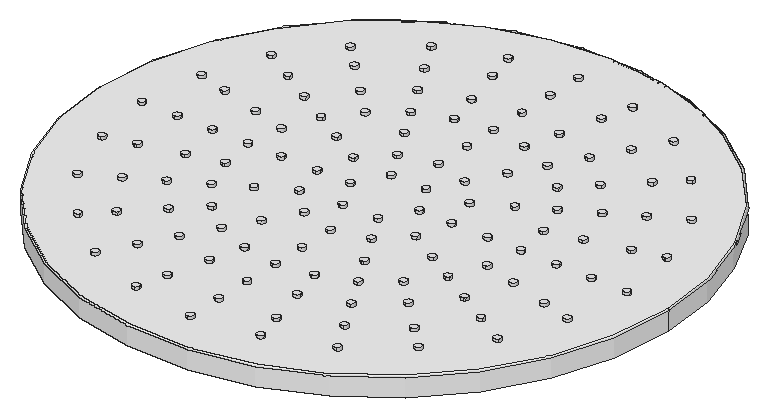
Revit family "Shower-Showerhead-KOHLER-Katalyst-13691W", category Plumbing Fixtures, host Face, Revit 2017
Family settings
  Host = Face
  Round Connector Dimension = Use Diameter
  Part Type = Normal
  OmniClass Number = 23.31.17.00
  OmniClass Title = Showers
  Cut with Voids When Loaded = No
  Shared = No
  Room Calculation Point = No
Parameters (values of type "CP-Polished Chrome")
  Width = 14"  # constant formula
  WaterSense Certified = 1 = 0  # no
  Waste Water Outlet = "Waste Water Outlet"  # constant formula
  Waste Connection = 1 = 0  # no
  Vent Connection = 1 = 0  # no
  URL = "https://www.kohler.co.uk/"
  Type = 1
  Tempred Water Inlet = "Tempred Water Inlet"  # constant formula
  Product Page URL = "https://www.kohler.co.uk/showering/water-delivery/rainheads/katalyst-contemporary-round-rainhead-14in-diameter/"
  Product Name = "Katalyst"  # constant formula
  Product Documentation Link = "https://resources.kohler.com/plumbing/kohleruk/pdf/Contemporary%20round%20rainheads%20datasheet%202015.pdf"
  Pressure = 0.00 psi
  Model = "13691W-CP"  # constant formula
  Material = "Premium Metal Construction"  # constant formula
  Master Format 2014 Name = "Residential Showers"  # constant formula
  Master Format 2014 = "22 42 23"  # constant formula
  Manufacturer Address = "Cromwell Road, Cheltenham, Gloucestershire. GL52 5EP Registered in England No. 252115"  # constant formula
  Manufacturer = "KOHLER Co."  # constant formula
  Length = 14"  # constant formula
  Hot Water Inlet = "Hot Water Inlet"  # constant formula
  Height = 2 3/4"  # constant formula
  HW Connection = 1 = 1  # yes
  Flow Rate = 0 GPM
  Finish = Metal-Kohler-CP-Polished Chrome
  Environmental Product Declaration = ""
  Drain Included = 1 = 0  # no
  Description = "Contemporary round rainhead 14 Inch diameter"  # constant formula
  Default Elevation = 0"
  Declare Label = ""
  Date Modified = "09/07/2020"  # constant formula
  Date Created = "09/07/2020"  # constant formula
  Copyright = "Copyright KOHLER Co."  # constant formula
  Contact Us = "https://www.kohler.co.uk/support/contact/"
  Cold Water Inlet = "Cold Water Inlet"  # constant formula
  CW Connection = 1 = 0  # no
  Assembly Code = "D2010700"
  ADA Compliant = 1 = 0  # no
Reference planes (in)
  plane 1 "Center (Front/Back)": y = 0
  plane 2: z = 0
  plane 3 "Center (Left/Right)": x = 0
  plane 4: z = 2.74969
  plane 5: x = -1.11966
  plane 6: x = 1.11966
  plane 7: y = -7
  plane 8: y = 7
  plane 9: y = 1.11875
  plane 10: y = -1.11875
  plane 11: x = -7
  plane 12: x = 7
Dimensions and locks (in)
  level to plane 4 = 2.74969"
  "Length": plane 8 to plane 7
  "Width": plane 11 to plane 12
  equal spacing: plane 11, plane 3 "Center (Left/Right)", plane 12
  equal spacing: plane 7, plane 1 "Center (Front/Back)", plane 8
  aligned and locked: plane 2 to host face
  aligned and locked: level to host face
Automatic sketch dimensions
  host sketch curve to host sketch curve = 96"  (x2)
Nested families (in)
  nested 1: "13691W" at (0, 0, 0), type "13691W"
Connectors (in)
  piping at (0, 0, 0), diameter 0.5, driven by "Flow Rate", driven by "HW Connection", driven by "Tempred Water Inlet"
    settings: on nested 1, index 1, connector inside diameter 24", connector length 0", flow factor 0, pipe flow 0 GPM, pressure drop 0.00 psi, fitting loss kfactor 0, connector angle 0.00°, fixture units 0, engagement length 0", angle of deflection 0.00°, flow configuration 0, flow direction 1, fitting loss method 0, system type 19, joint type 0, gender type 0, connector reference index -1, connector utility 1, adjustable connector no, is connector primary yes, connector description "Tempred Water Inlet"
Definition of nested family "13691W"
  Parameters (values of type "13691W")
    Material = none
  Reference planes (in)
    plane 1 "Center (Front/Back)": y = 0
    plane 2: z = 0
    plane 3 "Center (Left/Right)": x = 0
    plane 4: z = 2.75
    plane 5: y = 7
    plane 6: y = -7
    plane 7: x = -7
    plane 8: x = 7
  Forms (in)
    Sweep 1, solid, material <- "Material", detail levels medium+fine
      path origin (0, 0, 0) x (1, 0, 0) y (0, 1, 0)
        loop
          circle (0, 0) r 7
      profile origin (0, 7, 0) x (0, -1, 0) y (0, 0, 1)
        loop
          line (0, 2.67095) -> (0, 2.23047) -> (0.0912, 2.23047) -> (0.0912, 2.70291) -> (0.03195, 2.70291)
          arc (0.03195, 2.70291) -> (0.00936, 2.69355) -> (0, 2.67095) r 0.03195
    Extrusion 2, solid, material <- "Material", detail levels medium+fine
      sketch origin (0, 0, 0) x (1, 0, 0) y (0, 1, 0)
        loop
          circle (0, 0) r 6.9088
      from 2.23047 to 2.70291
    Revolve 3, solid, material <- "Material", detail levels medium+fine
      sketch origin (0, 0, 0) x (1, 0, 0) y (0, 0, 1)
        loop
          line (0, 0) -> (0.47319, 0)
          arc (0.47319, 0) -> (0.48724, 0.00582) -> (0.49306, 0.01987) r 0.01987
          line (0.49306, 0.01987) -> (0.49306, 0.75088)
          arc (0.49306, 0.75088) -> (0.45434, 0.87983) -> (0.35099, 0.96613) r 0.2341
          arc (0.35099, 0.96613) -> (0.31034, 1.01897) -> (0.33422, 1.08122) r 0.06816
          arc (0.33422, 1.08122) -> (0.38802, 1.13256) -> (0.4343, 1.19077) r 0.54326
          arc (0.4343, 1.19077) -> (0.44736, 1.20235) -> (0.46431, 1.20654) r 0.03644
          line (0.46431, 1.20654) -> (0.71851, 1.20654) -> (0.71851, 2.24609) -> (0, 2.24609) -> (0, 0)
        axis (0, 2.24609) -> (0, 0)
      angle from 0 to 360
    Extrusion 4, void
      sketch origin (0, 0, 0) x (0, 1, 0) y (0, 0, 1)
        loop
          line (-0.20585, 1.67898) -> (-0.20585, 1.20654) -> (0.20189, 1.20654) -> (0.20189, 1.67898) -> (-0.20585, 1.67898)
      from 0.69924 to 0.74752
    Extrusion 5, void
      sketch origin (0, 0, 0) x (0, 1, 0) y (0, 0, -1)
        loop
          line (-0.20585, -1.67898) -> (0.20189, -1.67898) -> (0.20189, -1.20654) -> (-0.20585, -1.20654) -> (-0.20585, -1.67898)
      from 0.69924 to 0.74752
    Extrusion 6, void
      sketch origin (0, 0, -0.00391) x (1, 0, 0) y (0, 0, -1)
        loop
          line (-0.44334, -0.9147) -> (0.65111, -0.9147) -> (0.65111, -0.17713) -> (-0.44334, -0.17713) -> (-0.44334, -0.9147)
      from 0.4448 to 0.53284
    Revolve 7, solid, material <- "Material", detail levels coarse
      sketch origin (0, 0, 0) x (0, 1, 0) y (0, 0, 1)
        loop
          line (-0.49565, 0) -> (0, 0) -> (0, 2.75) -> (-7.06518, 2.75) -> (-7.06518, 2.23047) -> (-0.74794, 2.23047) -> (-0.74794, 1.20654) -> (-0.49565, 1.20654) -> (-0.49565, 0)
        axis (0, 0) -> (0, 2.75)
      angle from 0 to 360
    Extrusion 8, solid, material <- "Material", detail levels medium+fine
      sketch origin (0, 0, 0) x (1, 0, 0) y (0, 1, 0)
        loop
          circle (0, 0) r 0.08811
      from 0 to 0.04042
    Extrusion 9, solid, detail levels medium+fine
      sketch origin (0, 0, 0) x (1, 0, 0) y (0, 1, 0)
        loop
          circle (-0.84903, 0.01256) r 0.08442
        loop
          circle (0.85684, 0.00475) r 0.08442
        loop
          circle (-0.43245, 0.74437) r 0.08442
        loop
          circle (0.43045, 0.73656) r 0.08442
        loop
          circle (0, 5.96596) r 0.08442
        loop
          circle (0, 5.09514) r 0.08442
        loop
          circle (0, 4.22989) r 0.08442
        loop
          circle (0, 3.35727) r 0.08442
        loop
          circle (0, 2.53656) r 0.08442
        loop
          circle (0, 1.65585) r 0.08442
        loop
          circle (0.8632, 3.22149) r 0.08599
        loop
          circle (1.08035, 4.03193) r 0.08599
        loop
          circle (1.33917, 4.99785) r 0.08599
        loop
          circle (1.53329, 5.7223) r 0.08599
        loop
          circle (2.98298, 5.16667) r 0.08442
        loop
          circle (2.54757, 4.41252) r 0.08442
        loop
          circle (2.11494, 3.66319) r 0.08442
        loop
          circle (1.67863, 2.90748) r 0.08442
        loop
          circle (1.26828, 2.19672) r 0.08442
        loop
          circle (0.82793, 1.43401) r 0.08442
        loop
          circle (2.35829, 2.35829) r 0.08599
        loop
          circle (2.95158, 2.95158) r 0.08599
        loop
          circle (3.65868, 3.65868) r 0.08599
        loop
          circle (4.18901, 4.18901) r 0.08599
        loop
          circle (5.16667, 2.98298) r 0.08442
        loop
          circle (4.41252, 2.54757) r 0.08442
        loop
          circle (3.66319, 2.11494) r 0.08442
        loop
          circle (2.90748, 1.67863) r 0.08442
        loop
          circle (2.19672, 1.26828) r 0.08442
        loop
          circle (1.43401, 0.82793) r 0.08442
        loop
          circle (3.22149, 0.8632) r 0.08599
        loop
          circle (4.03193, 1.08035) r 0.08599
        loop
          circle (4.99785, 1.33917) r 0.08599
        loop
          circle (5.7223, 1.53329) r 0.08599
        loop
          circle (5.96596, 0) r 0.08442
        loop
          circle (5.09514, 0) r 0.08442
        loop
          circle (4.22989, 0) r 0.08442
        loop
          circle (3.35727, 0) r 0.08442
        loop
          circle (2.53656, 0) r 0.08442
        loop
          circle (1.65585, 0) r 0.08442
        loop
          circle (-0.8632, 3.22149) r 0.08599
        loop
          circle (-1.08035, 4.03193) r 0.08599
        loop
          circle (-1.33917, 4.99785) r 0.08599
        loop
          circle (-1.53329, 5.7223) r 0.08599
        loop
          circle (-2.98298, 5.16667) r 0.08442
        loop
          circle (-2.54757, 4.41252) r 0.08442
        loop
          circle (-2.11494, 3.66319) r 0.08442
        loop
          circle (-1.67863, 2.90748) r 0.08442
        loop
          circle (-1.26828, 2.19672) r 0.08442
        loop
          circle (-0.82793, 1.43401) r 0.08442
        loop
          circle (-2.35829, 2.35829) r 0.08599
        loop
          circle (-2.95158, 2.95158) r 0.08599
        loop
          circle (-3.65868, 3.65868) r 0.08599
        loop
          circle (-4.18901, 4.18901) r 0.08599
        loop
          circle (-5.16667, 2.98298) r 0.08442
        loop
          circle (-4.41252, 2.54757) r 0.08442
        loop
          circle (-3.66319, 2.11494) r 0.08442
        loop
          circle (-2.90748, 1.67863) r 0.08442
        loop
          circle (-2.19672, 1.26828) r 0.08442
        loop
          circle (-1.43401, 0.82793) r 0.08442
        loop
          circle (-3.22149, 0.8632) r 0.08599
        loop
          circle (-4.03193, 1.08035) r 0.08599
        loop
          circle (-4.99785, 1.33917) r 0.08599
        loop
          circle (-5.7223, 1.53329) r 0.08599
        loop
          circle (-5.96596, 0) r 0.08442
        loop
          circle (-5.09514, 0) r 0.08442
        loop
          circle (-4.22989, 0) r 0.08442
        loop
          circle (-3.35727, 0) r 0.08442
        loop
          circle (-2.53656, 0) r 0.08442
        loop
          circle (-1.65585, 0) r 0.08442
        loop
          circle (-0.43245, -0.74437) r 0.08442
        loop
          circle (0.43045, -0.73656) r 0.08442
        loop
          circle (0, -5.96596) r 0.08442
        loop
          circle (0, -5.09514) r 0.08442
        loop
          circle (0, -4.22989) r 0.08442
        loop
          circle (0, -3.35727) r 0.08442
        loop
          circle (0, -2.53656) r 0.08442
        loop
          circle (0, -1.65585) r 0.08442
        loop
          circle (0.8632, -3.22149) r 0.08599
        loop
          circle (1.08035, -4.03193) r 0.08599
        loop
          circle (1.33917, -4.99785) r 0.08599
        loop
          circle (1.53329, -5.7223) r 0.08599
        loop
          circle (2.98298, -5.16667) r 0.08442
        loop
          circle (2.54757, -4.41252) r 0.08442
        loop
          circle (2.11494, -3.66319) r 0.08442
        loop
          circle (1.67863, -2.90748) r 0.08442
        loop
          circle (1.26828, -2.19672) r 0.08442
        loop
          circle (0.82793, -1.43401) r 0.08442
        loop
          circle (2.35829, -2.35829) r 0.08599
        loop
          circle (2.95158, -2.95158) r 0.08599
        loop
          circle (3.65868, -3.65868) r 0.08599
        loop
          circle (4.18901, -4.18901) r 0.08599
        loop
          circle (5.16667, -2.98298) r 0.08442
        loop
          circle (4.41252, -2.54757) r 0.08442
        loop
          circle (3.66319, -2.11494) r 0.08442
        loop
          circle (2.90748, -1.67863) r 0.08442
        loop
          circle (2.19672, -1.26828) r 0.08442
        loop
          circle (1.43401, -0.82793) r 0.08442
        loop
          circle (3.22149, -0.8632) r 0.08599
        loop
          circle (4.03193, -1.08035) r 0.08599
        loop
          circle (4.99785, -1.33917) r 0.08599
        loop
          circle (5.7223, -1.53329) r 0.08599
        loop
          circle (-0.8632, -3.22149) r 0.08599
        loop
          circle (-1.08035, -4.03193) r 0.08599
        loop
          circle (-1.33917, -4.99785) r 0.08599
        loop
          circle (-1.53329, -5.7223) r 0.08599
        loop
          circle (-2.98298, -5.16667) r 0.08442
        loop
          circle (-2.54757, -4.41252) r 0.08442
        loop
          circle (-2.11494, -3.66319) r 0.08442
        loop
          circle (-1.67863, -2.90748) r 0.08442
        loop
          circle (-1.26828, -2.19672) r 0.08442
        loop
          circle (-0.82793, -1.43401) r 0.08442
        loop
          circle (-2.35829, -2.35829) r 0.08599
        loop
          circle (-2.95158, -2.95158) r 0.08599
        loop
          circle (-3.65868, -3.65868) r 0.08599
        loop
          circle (-4.18901, -4.18901) r 0.08599
        loop
          circle (-5.16667, -2.98298) r 0.08442
        loop
          circle (-4.41252, -2.54757) r 0.08442
        loop
          circle (-3.66319, -2.11494) r 0.08442
        loop
          circle (-2.90748, -1.67863) r 0.08442
        loop
          circle (-2.19672, -1.26828) r 0.08442
        loop
          circle (-1.43401, -0.82793) r 0.08442
        loop
          circle (-3.22149, -0.8632) r 0.08599
        loop
          circle (-4.03193, -1.08035) r 0.08599
        loop
          circle (-4.99785, -1.33917) r 0.08599
        loop
          circle (-5.7223, -1.53329) r 0.08599
      from 2.56653 to 2.75
    Extrusion 10, void
      sketch origin (0, 0, -0.00391) x (1, 0, 0) y (0, 0, 1)
        loop
          line (-0.44334, 0.9147) -> (-0.44334, 0.17713) -> (0.65111, 0.17713) -> (0.65111, 0.9147) -> (-0.44334, 0.9147)
      from 0.4448 to 0.53284
  Cuts and joins
    Extrusion 4, Extrusion 10 cuts Sweep 1
    Extrusion 10 cuts Extrusion 2
    Extrusion 4, Extrusion 5, Extrusion 6, Extrusion 10 cuts Revolve 3
    joined: Sweep 1, Extrusion 2, Revolve 3
    Extrusion 10 cuts Revolve 7
  Lines and regions (in)
    Masking region 1
      outline origin (0, 0, 0) x (1, 0, 0) y (0, 1, 0)
        loop
          circle (0, 0) r 7
    Masking region 2
      outline origin (0, 0, 0) x (0, 1, 0) y (0, 0, 1)
        loop
          line (0, 0) -> (0.47319, 0)
          arc (0.47319, 0) -> (0.48724, 0.00582) -> (0.49306, 0.01987) r 0.01987
          line (0.49306, 0.01987) -> (0.49306, 0.17323) -> (0.4448, 0.17323) -> (0.4448, 0.89324)
          arc (0.4448, 0.89324) -> (0.4026, 0.93574) -> (0.35099, 0.96613) r 0.2341
          arc (0.35099, 0.96613) -> (0.31034, 1.01897) -> (0.33422, 1.08122) r 0.06816
          arc (0.33422, 1.08122) -> (0.38802, 1.13256) -> (0.4343, 1.19077) r 0.54326
          arc (0.4343, 1.19077) -> (0.44736, 1.20235) -> (0.46431, 1.20654) r 0.03644
          line (0.46431, 1.20654) -> (0.71851, 1.20654) -> (0.71851, 2.23047) -> (6.99929, 2.23047) -> (6.99929, 2.67017)
          arc (6.99929, 2.67017) -> (6.9897, 2.69332) -> (6.96656, 2.70291) r 0.03273
          line (6.96656, 2.70291) -> (6.02002, 2.70291) -> (6.02002, 2.75) -> (5.9075, 2.75) -> (5.9075, 2.70291) -> (5.78535, 2.70291) -> (5.78535, 2.75) -> (5.66632, 2.75) -> (5.66632, 2.70291) -> (5.18094, 2.70291) -> (5.18094, 2.75) -> (4.84849, 2.75) -> (4.84849, 2.70291) -> (4.48497, 2.70291) -> (4.48497, 2.75) -> (3.96752, 2.75) -> (3.96752, 2.70291) -> (3.73756, 2.70291) -> (3.73756, 2.75) -> (3.51467, 2.75) -> (3.51467, 2.70291) -> (3.41333, 2.70291) -> (3.41333, 2.75) -> (3.16236, 2.75) -> (3.16236, 2.70291) -> (3.05894, 2.70291) -> (3.05894, 2.75) -> (2.83143, 2.75) -> (2.83143, 2.70291) -> (2.61731, 2.70291) -> (2.61731, 2.75) -> (2.09565, 2.75) -> (2.09565, 2.70291) -> (1.82614, 2.70291) -> (1.82614, 2.75) -> (1.23321, 2.75) -> (1.23321, 2.70291) -> (1.11257, 2.70291) -> (1.11257, 2.75) -> (0.68578, 2.75) -> (0.68578, 2.70291) -> (0.48755, 2.70291) -> (0.48755, 2.75) -> (0.3558, 2.75) -> (0.3558, 2.70291) -> (0.076, 2.70291) -> (0.076, 2.75) -> (-0.06129, 2.75) -> (-0.06129, 2.70291) -> (-0.36762, 2.70291) -> (-0.36762, 2.75) -> (-0.4874, 2.75) -> (-0.4874, 2.70291) -> (-0.67992, 2.70291) -> (-0.67992, 2.75) -> (-0.945, 2.75) -> (-0.945, 2.70291) -> (-1.02285, 2.70291) -> (-1.02285, 2.75) -> (-1.7829, 2.75) -> (-1.7829, 2.70291) -> (-2.03742, 2.70291) -> (-2.03742, 2.75) -> (-2.59088, 2.75) -> (-2.59088, 2.70291) -> (-2.83139, 2.70291) -> (-2.83139, 2.75) -> (-3.06979, 2.75) -> (-3.06979, 2.70291) -> (-3.16211, 2.70291) -> (-3.16211, 2.75) -> (-3.4133, 2.75) -> (-3.4133, 2.70291) -> (-3.51468, 2.70291) -> (-3.51468, 2.75) -> (-3.73748, 2.75) -> (-3.73748, 2.70291) -> (-3.96748, 2.70291) -> (-3.96748, 2.75) -> (-4.48472, 2.75) -> (-4.48472, 2.70291) -> (-4.84849, 2.70291) -> (-4.84849, 2.75) -> (-5.18076, 2.75) -> (-5.18076, 2.70291) -> (-5.66622, 2.70291) -> (-5.66622, 2.75) -> (-5.78554, 2.75) -> (-5.78554, 2.70291) -> (-5.90753, 2.70291) -> (-5.90753, 2.75) -> (-6.02003, 2.75) -> (-6.02003, 2.70291) -> (-6.96727, 2.70291)
          arc (-6.96727, 2.70291) -> (-6.99041, 2.69332) -> (-7, 2.67017) r 0.03273
          line (-7, 2.67017) -> (-7, 2.23047) -> (-0.71851, 2.23047) -> (-0.71851, 1.20654) -> (-0.46431, 1.20654)
          arc (-0.46431, 1.20654) -> (-0.44736, 1.20235) -> (-0.4343, 1.19077) r 0.03644
          arc (-0.4343, 1.19077) -> (-0.38802, 1.13256) -> (-0.33422, 1.08122) r 0.54326
          arc (-0.33422, 1.08122) -> (-0.31034, 1.01897) -> (-0.35099, 0.96613) r 0.06816
          arc (-0.35099, 0.96613) -> (-0.4026, 0.93574) -> (-0.4448, 0.89324) r 0.2341
          line (-0.4448, 0.89324) -> (-0.4448, 0.17323) -> (-0.49306, 0.17323) -> (-0.49306, 0.01987)
          arc (-0.49306, 0.01987) -> (-0.48724, 0.00582) -> (-0.47319, 0) r 0.01987
          line (-0.47319, 0) -> (0, 0)
    Masking region 3
      outline origin (0, 0, 0) x (1, 0, 0) y (0, 0, 1)
        loop
          line (0, 0) -> (0.47319, 0)
          arc (0.47319, 0) -> (0.48724, 0.00582) -> (0.49306, 0.01987) r 0.01987
          line (0.49306, 0.01987) -> (0.49306, 0.75088)
          arc (0.49306, 0.75088) -> (0.45434, 0.87983) -> (0.35099, 0.96613) r 0.2341
          arc (0.35099, 0.96613) -> (0.31034, 1.01897) -> (0.33422, 1.08122) r 0.06816
          arc (0.33422, 1.08122) -> (0.38802, 1.13256) -> (0.4343, 1.19077) r 0.54326
          arc (0.4343, 1.19077) -> (0.44736, 1.20235) -> (0.46431, 1.20654) r 0.03644
          line (0.46431, 1.20654) -> (0.69924, 1.20654) -> (0.69924, 1.65881)
          arc (0.69924, 1.65881) -> (0.70484, 1.67273) -> (0.71851, 1.67892) r 0.02013
          line (0.71851, 1.67892) -> (0.71851, 2.23047) -> (7, 2.23047) -> (7, 2.67017)
          arc (7, 2.67017) -> (6.99041, 2.69332) -> (6.96727, 2.70291) r 0.03273
          line (6.96727, 2.70291) -> (6.05037, 2.70291) -> (6.05037, 2.75) -> (5.88154, 2.75) -> (5.88154, 2.70291) -> (5.80829, 2.70291) -> (5.80829, 2.75) -> (5.63631, 2.75) -> (5.63631, 2.70291) -> (5.24521, 2.70291) -> (5.24521, 2.75) -> (4.91187, 2.75) -> (4.91187, 2.70291) -> (4.49694, 2.70291) -> (4.49694, 2.75) -> (3.94594, 2.75) -> (3.94594, 2.70291) -> (3.74761, 2.70291) -> (3.74761, 2.75) -> (3.57283, 2.75) -> (3.57283, 2.70291) -> (3.44169, 2.70291) -> (3.44169, 2.75) -> (3.1355, 2.75) -> (3.1355, 2.70291) -> (3.0674, 2.70291) -> (3.0674, 2.75) -> (2.82306, 2.75) -> (2.82306, 2.70291) -> (2.63199, 2.70291) -> (2.63199, 2.75) -> (2.03053, 2.75) -> (2.03053, 2.70291) -> (1.76305, 2.70291) -> (1.76305, 2.75) -> (1.18386, 2.75) -> (1.18386, 2.70291) -> (1.11257, 2.70291) -> (1.11257, 2.75) -> (0.78272, 2.75) -> (0.78272, 2.70291) -> (0.51687, 2.70291) -> (0.51687, 2.75) -> (0.34803, 2.75) -> (0.34803, 2.70291) -> (0.08442, 2.70291) -> (0.08442, 2.75) -> (-0.08442, 2.75) -> (-0.08442, 2.70291) -> (-0.34803, 2.70291) -> (-0.34803, 2.75) -> (-0.51687, 2.75) -> (-0.51687, 2.70291) -> (-0.78272, 2.70291) -> (-0.78272, 2.75) -> (-1.11257, 2.75) -> (-1.11257, 2.70291) -> (-1.18386, 2.70291) -> (-1.18386, 2.75) -> (-1.76305, 2.75) -> (-1.76305, 2.70291) -> (-2.03053, 2.70291) -> (-2.03053, 2.75) -> (-2.63199, 2.75) -> (-2.63199, 2.70291) -> (-2.82306, 2.70291) -> (-2.82306, 2.75) -> (-3.0674, 2.75) -> (-3.0674, 2.70291) -> (-3.1355, 2.70291) -> (-3.1355, 2.75) -> (-3.44169, 2.75) -> (-3.44169, 2.70291) -> (-3.57283, 2.70291) -> (-3.57283, 2.75) -> (-3.74761, 2.75) -> (-3.74761, 2.70291) -> (-3.94594, 2.70291) -> (-3.94594, 2.75) -> (-4.49694, 2.75) -> (-4.49694, 2.70291) -> (-4.91187, 2.70291) -> (-4.91187, 2.75) -> (-5.25109, 2.75) -> (-5.25109, 2.70291) -> (-5.63631, 2.70291) -> (-5.63631, 2.75) -> (-5.80829, 2.75) -> (-5.80829, 2.70291) -> (-5.88154, 2.70291) -> (-5.88154, 2.75) -> (-6.05037, 2.75) -> (-6.05037, 2.70291) -> (-6.96656, 2.70291)
          arc (-6.96656, 2.70291) -> (-6.9897, 2.69332) -> (-6.99929, 2.67017) r 0.03273
          line (-6.99929, 2.67017) -> (-6.99929, 2.23047) -> (-0.71851, 2.23047) -> (-0.71851, 1.67892)
          arc (-0.71851, 1.67892) -> (-0.70484, 1.67273) -> (-0.69924, 1.65881) r 0.02013
          line (-0.69924, 1.65881) -> (-0.69924, 1.20654) -> (-0.46431, 1.20654)
          arc (-0.46431, 1.20654) -> (-0.44736, 1.20235) -> (-0.4343, 1.19077) r 0.03644
          arc (-0.4343, 1.19077) -> (-0.38802, 1.13256) -> (-0.33422, 1.08122) r 0.54326
          arc (-0.33422, 1.08122) -> (-0.31034, 1.01897) -> (-0.35099, 0.96613) r 0.06816
          arc (-0.35099, 0.96613) -> (-0.45434, 0.87983) -> (-0.49306, 0.75088) r 0.2341
          line (-0.49306, 0.75088) -> (-0.49306, 0.01987)
          arc (-0.49306, 0.01987) -> (-0.48724, 0.00582) -> (-0.47319, 0) r 0.01987
          line (-0.47319, 0) -> (0, 0)
    symbolic lines, detail levels medium+fine
      curve 1: line (0.69924, 0, 1.20654) -> (-0.69924, 0, 1.20654)
      curve 2: line (0, 0.16527, 1.20654) -> (0, 0, 1.20654)
      curve 3: line (0, 0, 1.20654) -> (0, -0.16527, 1.20654)
      curve 4: line (0, -0.16527, 1.20654) -> (0, -0.16527, 1.67898)
      curve 5: line (0, -0.16527, 1.67898) -> (0, 0.16527, 1.67898)
      curve 6: line (0, 0.16527, 1.67898) -> (0, 0.16527, 1.20654)
      curve 7: line (0, 0.46431, 1.20654) -> (0, 0, 1.20654)
      curve 8: line (0, 0, 1.20654) -> (0, -0.46431, 1.20654)
      curve 9: line (0, 0.71851, 2.23047) -> (0, -0.71851, 2.23047)
      curve 10: line (0, 6.96805, 2.70291) -> (0, -6.96805, 2.70291)
      curve 11: line (0, 5.03548, 2.75) -> (0, 5.03548, 2.70291)
      curve 12: line (0, 5.14804, 2.75) -> (0, 5.14804, 2.70291)
      curve 13: line (0, 4.94182, 2.75) -> (0, 4.94182, 2.70291)
      curve 14: line (0, 4.38991, 2.75) -> (0, 4.38991, 2.70291)
      curve 15: line (0, 4.18253, 2.75) -> (0, 4.18253, 2.70291)
      curve 16: line (0, 4.08002, 2.75) -> (0, 4.08002, 2.70291)
      curve 17: line (0, 3.67093, 2.75) -> (0, 3.67093, 2.70291)
      curve 18: line (0, 3.55837, 2.75) -> (0, 3.55837, 2.70291)
      curve 19: line (0, 3.35695, 2.75) -> (0, 3.35695, 2.70291)
      curve 20: line (0, 3.24288, 2.75) -> (0, 3.24288, 2.70291)
      curve 21: line (0, 3.01402, 2.75) -> (0, 3.01402, 2.70291)
      curve 22: line (0, 2.88771, 2.75) -> (0, 2.88771, 2.70291)
      curve 23: line (0, 2.53459, 2.75) -> (0, 2.53459, 2.70291)
      curve 24: line (0, 2.34809, 2.75) -> (0, 2.34809, 2.70291)
      curve 25: line (0, 2.46066, 2.75) -> (0, 2.46066, 2.70291)
      curve 26: line (0, 2.2214, 2.75) -> (0, 2.2214, 2.70291)
      curve 27: line (0, 1.28947, 2.75) -> (0, 1.28947, 2.70291)
      curve 28: line (0, 1.3549, 2.75) -> (0, 1.3549, 2.70291)
      curve 29: line (0, 1.42775, 2.75) -> (0, 1.42775, 2.70291)
      curve 30: line (0, 1.53558, 2.75) -> (0, 1.53558, 2.70291)
      curve 31: line (0, 1.71258, 2.75) -> (0, 1.71258, 2.70291)
      curve 32: line (0, 1.62816, 2.75) -> (0, 1.62816, 2.70291)
      curve 33: line (0, 1.01892, 2.75) -> (0, 1.01892, 2.70291)
      curve 34: line (0, 0.90792, 2.75) -> (0, 0.90792, 2.70291)
      curve 35: line (0, 0.79312, 2.75) -> (0, 0.79312, 2.70291)
      curve 36: line (0, -0.73614, 2.75) -> (0, -0.73614, 2.70291)
      curve 37: line (0, -0.89622, 2.75) -> (0, -0.89622, 2.70291)
      curve 38: line (0, -0.8118, 2.75) -> (0, -0.8118, 2.70291)
      curve 39: line (0, -1.74365, 2.75) -> (0, -1.74365, 2.70291)
      curve 40: line (0, -1.63404, 2.75) -> (0, -1.63404, 2.70291)
      curve 41: line (0, -1.43829, 2.75) -> (0, -1.43829, 2.70291)
      curve 42: line (0, -1.53732, 2.75) -> (0, -1.53732, 2.70291)
      curve 43: line (0, -1.40288, 2.75) -> (0, -1.40288, 2.70291)
      curve 44: line (0, -1.27327, 2.75) -> (0, -1.27327, 2.70291)
      curve 45: line (0, -1.16088, 2.75) -> (0, -1.16088, 2.70291)
      curve 46: line (0, -2.52882, 2.75) -> (0, -2.52882, 2.70291)
      curve 47: line (0, -2.41495, 2.75) -> (0, -2.41495, 2.70291)
      curve 48: line (0, -2.27768, 2.75) -> (0, -2.27768, 2.70291)
      curve 49: line (0, -2.13829, 2.75) -> (0, -2.13829, 2.70291)
      curve 50: line (0, -2.88771, 2.75) -> (0, -2.88771, 2.70291)
      curve 51: line (0, -3.01347, 2.75) -> (0, -3.01347, 2.70291)
      curve 52: line (0, -3.21848, 2.75) -> (0, -3.21848, 2.70291)
      curve 53: line (0, -3.33256, 2.75) -> (0, -3.33256, 2.70291)
      curve 54: line (0, -3.62716, 2.75) -> (0, -3.62716, 2.70291)
      curve 55: line (0, -3.57088, 2.75) -> (0, -3.57088, 2.70291)
      curve 56: line (0, -4.42847, 2.75) -> (0, -4.42847, 2.70291)
      curve 57: line (0, -4.05339, 2.75) -> (0, -4.05339, 2.70291)
      curve 58: line (0, -4.168, 2.75) -> (0, -4.168, 2.70291)
      curve 59: line (0, -4.29382, 2.75) -> (0, -4.29382, 2.70291)
      curve 60: line (0, -5.13845, 2.75) -> (0, -5.13845, 2.70291)
      curve 61: line (0, -5.01462, 2.75) -> (0, -5.01462, 2.70291)
      curve 62: line (0, -5.08098, 2.75) -> (0, -5.08098, 2.70291)
      curve 63: line (0, -4.90474, 2.75) -> (0, -4.90474, 2.70291)
      curve 64: line (-0.71851, 0, 2.23047) -> (0.71851, 0, 2.23047)
      curve 65: line (-0.35099, 0, 0.96613) -> (0.35099, 0, 0.96613)
      curve 66: line (-0.33422, 0, 1.08122) -> (0.33422, 0, 1.08122)
      curve 67: line (0, 0.35099, 0.96613) -> (0, -0.35099, 0.96613)
      curve 68: line (0, 0.33422, 1.08122) -> (0, -0.33422, 1.08122)
      curve 69: circle (-0.84903, 0.01256, 0) r 0.08442 normal (0, 0, -1)
      curve 70: circle (0.85684, 0.00475, 0) r 0.08442 normal (0, 0, -1)
      curve 71: circle (-0.43245, 0.74437, 0) r 0.08442 normal (0, 0, -1)
      curve 72: circle (0.43045, 0.73656, 0) r 0.08442 normal (0, 0, -1)
      curve 73: circle (0, 5.96596, 0) r 0.08442 normal (0, 0, 1)
      curve 74: circle (0, 5.09514, 0) r 0.08442 normal (0, 0, 1)
      curve 75: circle (0, 4.22989, 0) r 0.08442 normal (0, 0, 1)
      curve 76: circle (0, 3.35727, 0) r 0.08442 normal (0, 0, 1)
      curve 77: circle (0, 2.53656, 0) r 0.08442 normal (0, 0, 1)
      curve 78: circle (0, 1.65585, 0) r 0.08442 normal (0, 0, 1)
      curve 79: circle (0.8632, 3.22149, 0) r 0.08599 normal (0, 0, 1)
      curve 80: circle (1.08035, 4.03193, 0) r 0.08599 normal (0, 0, 1)
      curve 81: circle (1.33917, 4.99785, 0) r 0.08599 normal (0, 0, 1)
      curve 82: circle (1.53329, 5.7223, 0) r 0.08599 normal (0, 0, 1)
      curve 83: circle (2.98298, 5.16667, 0) r 0.08442 normal (0, 0, 1)
      curve 84: circle (2.54757, 4.41252, 0) r 0.08442 normal (0, 0, 1)
      curve 85: circle (2.11494, 3.66319, 0) r 0.08442 normal (0, 0, 1)
      curve 86: circle (1.67863, 2.90748, 0) r 0.08442 normal (0, 0, 1)
      curve 87: circle (1.26828, 2.19672, 0) r 0.08442 normal (0, 0, 1)
      curve 88: circle (0.82793, 1.43401, 0) r 0.08442 normal (0, 0, 1)
      curve 89: circle (2.35829, 2.35829, 0) r 0.08599 normal (0, 0, 1)
      curve 90: circle (2.95158, 2.95158, 0) r 0.08599 normal (0, 0, 1)
      curve 91: circle (3.65868, 3.65868, 0) r 0.08599 normal (0, 0, 1)
      curve 92: circle (4.18901, 4.18901, 0) r 0.08599 normal (0, 0, 1)
      curve 93: circle (5.16667, 2.98298, 0) r 0.08442 normal (0, 0, 1)
      curve 94: circle (4.41252, 2.54757, 0) r 0.08442 normal (0, 0, 1)
      curve 95: circle (3.66319, 2.11494, 0) r 0.08442 normal (0, 0, 1)
      curve 96: circle (2.90748, 1.67863, 0) r 0.08442 normal (0, 0, 1)
      curve 97: circle (2.19672, 1.26828, 0) r 0.08442 normal (0, 0, 1)
      curve 98: circle (1.43401, 0.82793, 0) r 0.08442 normal (0, 0, 1)
      curve 99: circle (3.22149, 0.8632, 0) r 0.08599 normal (0, 0, 1)
      curve 100: circle (4.03193, 1.08035, 0) r 0.08599 normal (0, 0, 1)
      curve 101: circle (4.99785, 1.33917, 0) r 0.08599 normal (0, 0, 1)
      curve 102: circle (5.7223, 1.53329, 0) r 0.08599 normal (0, 0, 1)
      curve 103: circle (5.96596, 0, 0) r 0.08442 normal (0, 0, 1)
      curve 104: circle (5.09514, 0, 0) r 0.08442 normal (0, 0, 1)
      curve 105: circle (4.22989, 0, 0) r 0.08442 normal (0, 0, 1)
      curve 106: circle (3.35727, 0, 0) r 0.08442 normal (0, 0, 1)
      curve 107: circle (2.53656, 0, 0) r 0.08442 normal (0, 0, 1)
      curve 108: circle (1.65585, 0, 0) r 0.08442 normal (0, 0, 1)
      curve 109: circle (-0.8632, 3.22149, 0) r 0.08599 normal (0, 0, -1)
      curve 110: circle (-1.08035, 4.03193, 0) r 0.08599 normal (0, 0, -1)
      curve 111: circle (-1.33917, 4.99785, 0) r 0.08599 normal (0, 0, -1)
      curve 112: circle (-1.53329, 5.7223, 0) r 0.08599 normal (0, 0, -1)
      curve 113: circle (-2.98298, 5.16667, 0) r 0.08442 normal (0, 0, -1)
      curve 114: circle (-2.54757, 4.41252, 0) r 0.08442 normal (0, 0, -1)
      curve 115: circle (-2.11494, 3.66319, 0) r 0.08442 normal (0, 0, -1)
      curve 116: circle (-1.67863, 2.90748, 0) r 0.08442 normal (0, 0, -1)
      curve 117: circle (-1.26828, 2.19672, 0) r 0.08442 normal (0, 0, -1)
      curve 118: circle (-0.82793, 1.43401, 0) r 0.08442 normal (0, 0, -1)
      curve 119: circle (-2.35829, 2.35829, 0) r 0.08599 normal (0, 0, -1)
      curve 120: circle (-2.95158, 2.95158, 0) r 0.08599 normal (0, 0, -1)
      curve 121: circle (-3.65868, 3.65868, 0) r 0.08599 normal (0, 0, -1)
      curve 122: circle (-4.18901, 4.18901, 0) r 0.08599 normal (0, 0, -1)
      curve 123: circle (-5.16667, 2.98298, 0) r 0.08442 normal (0, 0, -1)
      curve 124: circle (-4.41252, 2.54757, 0) r 0.08442 normal (0, 0, -1)
      curve 125: circle (-3.66319, 2.11494, 0) r 0.08442 normal (0, 0, -1)
      curve 126: circle (-2.90748, 1.67863, 0) r 0.08442 normal (0, 0, -1)
      curve 127: circle (-2.19672, 1.26828, 0) r 0.08442 normal (0, 0, -1)
      curve 128: circle (-1.43401, 0.82793, 0) r 0.08442 normal (0, 0, -1)
      curve 129: circle (-3.22149, 0.8632, 0) r 0.08599 normal (0, 0, -1)
      curve 130: circle (-4.03193, 1.08035, 0) r 0.08599 normal (0, 0, -1)
      curve 131: circle (-4.99785, 1.33917, 0) r 0.08599 normal (0, 0, -1)
      curve 132: circle (-5.7223, 1.53329, 0) r 0.08599 normal (0, 0, -1)
      curve 133: circle (-5.96596, 0, 0) r 0.08442 normal (0, 0, -1)
      curve 134: circle (-5.09514, 0, 0) r 0.08442 normal (0, 0, -1)
      curve 135: circle (-4.22989, 0, 0) r 0.08442 normal (0, 0, -1)
      curve 136: circle (-3.35727, 0, 0) r 0.08442 normal (0, 0, -1)
      curve 137: circle (-2.53656, 0, 0) r 0.08442 normal (0, 0, -1)
      curve 138: circle (-1.65585, 0, 0) r 0.08442 normal (0, 0, -1)
      curve 139: circle (-0.43245, -0.74437, 0) r 0.08442 normal (0, 0, 1)
      curve 140: circle (0.43045, -0.73656, 0) r 0.08442 normal (0, 0, 1)
      curve 141: circle (0, -5.96596, 0) r 0.08442 normal (0, 0, -1)
      curve 142: circle (0, -5.09514, 0) r 0.08442 normal (0, 0, -1)
      curve 143: circle (0, -4.22989, 0) r 0.08442 normal (0, 0, -1)
      curve 144: circle (0, -3.35727, 0) r 0.08442 normal (0, 0, -1)
      curve 145: circle (0, -2.53656, 0) r 0.08442 normal (0, 0, -1)
      curve 146: circle (0, -1.65585, 0) r 0.08442 normal (0, 0, -1)
      curve 147: circle (0.8632, -3.22149, 0) r 0.08599 normal (0, 0, -1)
      curve 148: circle (1.08035, -4.03193, 0) r 0.08599 normal (0, 0, -1)
      curve 149: circle (1.33917, -4.99785, 0) r 0.08599 normal (0, 0, -1)
      curve 150: circle (1.53329, -5.7223, 0) r 0.08599 normal (0, 0, -1)
      curve 151: circle (2.98298, -5.16667, 0) r 0.08442 normal (0, 0, -1)
      curve 152: circle (2.54757, -4.41252, 0) r 0.08442 normal (0, 0, -1)
      curve 153: circle (2.11494, -3.66319, 0) r 0.08442 normal (0, 0, -1)
      curve 154: circle (1.67863, -2.90748, 0) r 0.08442 normal (0, 0, -1)
      curve 155: circle (1.26828, -2.19672, 0) r 0.08442 normal (0, 0, -1)
      curve 156: circle (0.82793, -1.43401, 0) r 0.08442 normal (0, 0, -1)
      curve 157: circle (2.35829, -2.35829, 0) r 0.08599 normal (0, 0, -1)
      curve 158: circle (2.95158, -2.95158, 0) r 0.08599 normal (0, 0, -1)
      curve 159: circle (3.65868, -3.65868, 0) r 0.08599 normal (0, 0, -1)
      curve 160: circle (4.18901, -4.18901, 0) r 0.08599 normal (0, 0, -1)
      curve 161: circle (5.16667, -2.98298, 0) r 0.08442 normal (0, 0, -1)
      curve 162: circle (4.41252, -2.54757, 0) r 0.08442 normal (0, 0, -1)
      curve 163: circle (3.66319, -2.11494, 0) r 0.08442 normal (0, 0, -1)
      curve 164: circle (2.90748, -1.67863, 0) r 0.08442 normal (0, 0, -1)
      curve 165: circle (2.19672, -1.26828, 0) r 0.08442 normal (0, 0, -1)
      curve 166: circle (1.43401, -0.82793, 0) r 0.08442 normal (0, 0, -1)
      curve 167: circle (3.22149, -0.8632, 0) r 0.08599 normal (0, 0, -1)
      curve 168: circle (4.03193, -1.08035, 0) r 0.08599 normal (0, 0, -1)
      curve 169: circle (4.99785, -1.33917, 0) r 0.08599 normal (0, 0, -1)
      curve 170: circle (5.7223, -1.53329, 0) r 0.08599 normal (0, 0, -1)
      curve 171: circle (-0.8632, -3.22149, 0) r 0.08599 normal (0, 0, 1)
      curve 172: circle (-1.08035, -4.03193, 0) r 0.08599 normal (0, 0, 1)
      curve 173: circle (-1.33917, -4.99785, 0) r 0.08599 normal (0, 0, 1)
      curve 174: circle (-1.53329, -5.7223, 0) r 0.08599 normal (0, 0, 1)
      curve 175: circle (-2.98298, -5.16667, 0) r 0.08442 normal (0, 0, 1)
      curve 176: circle (-2.54757, -4.41252, 0) r 0.08442 normal (0, 0, 1)
      curve 177: circle (-2.11494, -3.66319, 0) r 0.08442 normal (0, 0, 1)
      curve 178: circle (-1.67863, -2.90748, 0) r 0.08442 normal (0, 0, 1)
      curve 179: circle (-1.26828, -2.19672, 0) r 0.08442 normal (0, 0, 1)
      curve 180: circle (-0.82793, -1.43401, 0) r 0.08442 normal (0, 0, 1)
      curve 181: circle (-2.35829, -2.35829, 0) r 0.08599 normal (0, 0, 1)
      curve 182: circle (-2.95158, -2.95158, 0) r 0.08599 normal (0, 0, 1)
      curve 183: circle (-3.65868, -3.65868, 0) r 0.08599 normal (0, 0, 1)
      curve 184: circle (-4.18901, -4.18901, 0) r 0.08599 normal (0, 0, 1)
      curve 185: circle (-5.16667, -2.98298, 0) r 0.08442 normal (0, 0, 1)
      curve 186: circle (-4.41252, -2.54757, 0) r 0.08442 normal (0, 0, 1)
      curve 187: circle (-3.66319, -2.11494, 0) r 0.08442 normal (0, 0, 1)
      curve 188: circle (-2.90748, -1.67863, 0) r 0.08442 normal (0, 0, 1)
      curve 189: circle (-2.19672, -1.26828, 0) r 0.08442 normal (0, 0, 1)
      curve 190: circle (-1.43401, -0.82793, 0) r 0.08442 normal (0, 0, 1)
      curve 191: circle (-3.22149, -0.8632, 0) r 0.08599 normal (0, 0, 1)
      curve 192: circle (-4.03193, -1.08035, 0) r 0.08599 normal (0, 0, 1)
      curve 193: circle (-4.99785, -1.33917, 0) r 0.08599 normal (0, 0, 1)
      curve 194: circle (-5.7223, -1.53329, 0) r 0.08599 normal (0, 0, 1)
      curve 195: line (-6.05037, 0, 2.70291) -> (-5.88154, 0, 2.70291)
      curve 196: line (-5.80829, 0, 2.70291) -> (-5.63631, 0, 2.70291)
      curve 197: line (-5.25109, 0, 2.70291) -> (-4.91187, 0, 2.70291)
      curve 198: line (-4.49694, 0, 2.70291) -> (-3.94594, 0, 2.70291)
      curve 199: line (-3.74761, 0, 2.70291) -> (-3.57283, 0, 2.70291)
      curve 200: line (-3.44169, 0, 2.70291) -> (-3.1355, 0, 2.70291)
      curve 201: line (-3.0674, 0, 2.70291) -> (-2.82306, 0, 2.70291)
      curve 202: line (-2.63199, 0, 2.70291) -> (-2.03053, 0, 2.70291)
      curve 203: line (-1.76305, 0, 2.70291) -> (-1.18386, 0, 2.70291)
      curve 204: line (-1.11257, 0, 2.70291) -> (-0.78272, 0, 2.70291)
      curve 205: line (-0.51687, 0, 2.70291) -> (-0.34803, 0, 2.70291)
      curve 206: line (-0.08442, 0, 2.70291) -> (0.0845, 0, 2.70291)
      curve 207: line (-5.08384, 0, 2.75) -> (-5.08384, 0, 2.70291)
      curve 208: line (-4.3281, 0, 2.75) -> (-4.3281, 0, 2.70291)
      curve 209: line (-4.31431, 0, 2.75) -> (-4.31431, 0, 2.70291)
      curve 210: line (-4.275, 0, 2.75) -> (-4.275, 0, 2.70291)
      curve 211: line (-4.11792, 0, 2.75) -> (-4.11792, 0, 2.70291)
      curve 212: line (-3.30748, 0, 2.75) -> (-3.30748, 0, 2.70291)
      curve 213: line (-2.86559, 0, 2.75) -> (-2.86559, 0, 2.70291)
      curve 214: line (-2.89856, 0, 2.75) -> (-2.89856, 0, 2.70291)
      curve 215: line (-2.46315, 0, 2.75) -> (-2.46315, 0, 2.70291)
      curve 216: line (-2.45214, 0, 2.75) -> (-2.45214, 0, 2.70291)
      curve 217: line (-2.44428, 0, 2.75) -> (-2.44428, 0, 2.70291)
      curve 218: line (-2.19936, 0, 2.75) -> (-2.19936, 0, 2.70291)
      curve 219: line (-2.1123, 0, 2.75) -> (-2.1123, 0, 2.70291)
      curve 220: line (-1.59422, 0, 2.75) -> (-1.59422, 0, 2.70291)
      curve 221: line (-1.4473, 0, 2.75) -> (-1.4473, 0, 2.70291)
      curve 222: line (-1.42516, 0, 2.75) -> (-1.42516, 0, 2.70291)
      curve 223: line (-1.34959, 0, 2.75) -> (-1.34959, 0, 2.70291)
      curve 224: line (6.05037, 0, 2.70291) -> (5.88154, 0, 2.70291)
      curve 225: line (5.80829, 0, 2.70291) -> (5.63631, 0, 2.70291)
      curve 226: line (5.25109, 0, 2.70291) -> (4.91187, 0, 2.70291)
      curve 227: line (4.49694, 0, 2.70291) -> (3.94594, 0, 2.70291)
      curve 228: line (3.74761, 0, 2.70291) -> (3.57283, 0, 2.70291)
      curve 229: line (3.44169, 0, 2.70291) -> (3.1355, 0, 2.70291)
      curve 230: line (3.0674, 0, 2.70291) -> (2.82306, 0, 2.70291)
      curve 231: line (2.63199, 0, 2.70291) -> (2.03053, 0, 2.70291)
      curve 232: line (1.76305, 0, 2.70291) -> (1.18386, 0, 2.70291)
      curve 233: line (1.11257, 0, 2.70291) -> (0.78272, 0, 2.70291)
      curve 234: line (0.51687, 0, 2.70291) -> (0.34803, 0, 2.70291)
      curve 235: line (5.08384, 0, 2.75) -> (5.08384, 0, 2.70291)
      curve 236: line (4.3281, 0, 2.75) -> (4.3281, 0, 2.70291)
      curve 237: line (4.31431, 0, 2.75) -> (4.31431, 0, 2.70291)
      curve 238: line (4.275, 0, 2.75) -> (4.275, 0, 2.70291)
      curve 239: line (4.11792, 0, 2.75) -> (4.11792, 0, 2.70291)
      curve 240: line (3.30748, 0, 2.75) -> (3.30748, 0, 2.70291)
      curve 241: line (2.86559, 0, 2.75) -> (2.86559, 0, 2.70291)
      curve 242: line (2.89856, 0, 2.75) -> (2.89856, 0, 2.70291)
      curve 243: line (2.46315, 0, 2.75) -> (2.46315, 0, 2.70291)
      curve 244: line (2.45214, 0, 2.75) -> (2.45214, 0, 2.70291)
      curve 245: line (2.44428, 0, 2.75) -> (2.44428, 0, 2.70291)
      curve 246: line (2.19936, 0, 2.75) -> (2.19936, 0, 2.70291)
      curve 247: line (2.1123, 0, 2.75) -> (2.1123, 0, 2.70291)
      curve 248: line (1.59422, 0, 2.75) -> (1.59422, 0, 2.70291)
      curve 249: line (1.4473, 0, 2.75) -> (1.4473, 0, 2.70291)
      curve 250: line (1.42516, 0, 2.75) -> (1.42516, 0, 2.70291)
      curve 251: line (1.34959, 0, 2.75) -> (1.34959, 0, 2.70291)
      curve 252: line (-0.21275, 0, 0.75088) -> (0.21275, 0, 0.75088)
      curve 253: line (-0.21275, 0, 0.17323) -> (-0.21275, 0, 0.75088)
      curve 254: line (0.21275, 0, 0.75088) -> (0.21275, 0, 0.17323)
      curve 255: line (-0.21275, 0, 0.17323) -> (0.21275, 0, 0.17323)
  Dimensions and locks (in)
    plane 4 to level = 2 3/4"
    plane 6 to plane 5 = 14"
    plane 7 to plane 8 = 14"
    aligned and locked: plane 2 to level
